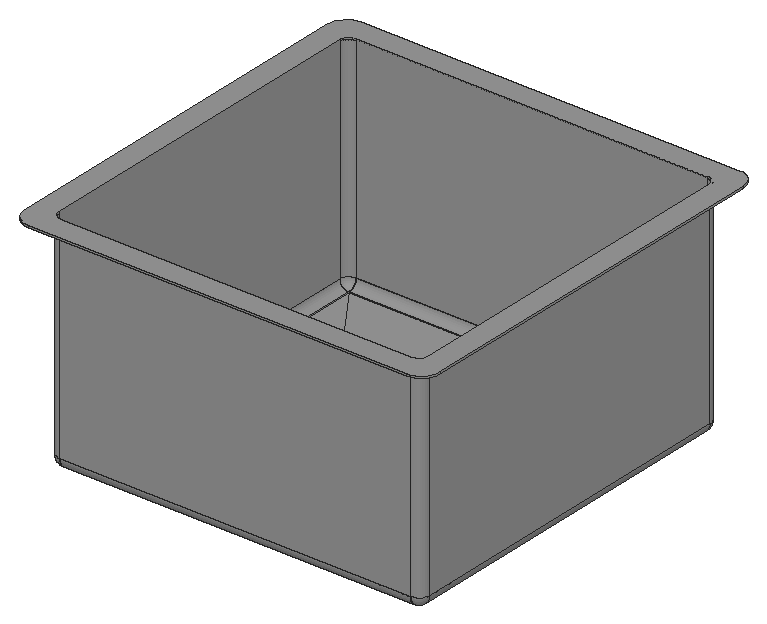
Revit family "BUILDMAT-SNGM002-Nala-450-Gunmetal", category Plumbing Fixtures, host Face, Revit 2020
Family settings
  Host = Face
  Round Connector Dimension = Use Diameter
  Part Type = Normal
  Cut with Voids When Loaded = No
  Shared = No
  Room Calculation Point = No
Parameters (values of type "Nala 450x450x250mm")
  Width = 400.0 mm
  Undermount [instance] = 0.0 mm
  URL = "https://www.buildmat.com.au/products/nala-450x450-single-bowl-sink"
  Side Sound Pad = no
  Side Brackets = yes
  Model = "SNA01002"  # constant formula
  Middle Sound Pad = yes
  Middle Bracket = no
  Manufacturer URL = "https://www.buildmat.com.au/"
  Manufacturer = "BUILDMAT"  # constant formula
  Length = 400.0 mm
  Description = "BUILDMAT - Nala 450x450 Single Bowl Sink"  # constant formula
  Depth = 250.0 mm
  Default Elevation = 1219.2 mm
  Created By URL = "https://www.buildmat.com.au/"
  Created By = "BUILDMAT"  # constant formula
  Created = "22.06.2022"  # constant formula
  Material = BUILDMAT Gunmetal
Reference planes
  plane 1 "Center (Front/Back)": y = 0
  plane 2: z = 0
  plane 3 "Center (Left/Right)": x = 0
  plane 4 "Top Substrate": z = 0
  plane 5 "Left": x = -200
  plane 6 "Right": x = 200
  plane 7 "Back": y = 200
  plane 8 "Front": y = -200
  plane 9: x = -225
  plane 10: x = 225
  plane 11: y = -225
  plane 12: y = 225
  plane 13 "Bottom Void": z = -250
  plane 14: z = 1.5
  plane 15: x = -201.5
  plane 16: y = -201.5
  plane 17: x = 201.5
  plane 18: y = 201.5
  plane 19: z = -240
  plane 20: z = -230
  plane 21: x = -190
  plane 22: x = 190
  plane 23: y = -190
  plane 24: y = 190
  plane 25: z = -245
  plane 26: z = -241.5
  plane 27: z = -246.5
  plane 28: x = -100
  plane 29: x = 100
  plane 30 "Sound Pad": z = -130
  plane 31 "Front Bracket": y = -100
  plane 32 "Back Bracket": y = 100
  plane 33: x = -100
  plane 34: x = 100
  plane 35: x = -57
  plane 36: x = 57
  plane 37: x = -45
  plane 38: x = 45
Forms (mm)
  Extrusion 1, void
    sketch origin (0, 0, 0) x (1, 0, 0) y (0, 1, 0)
      loop
        arc (-190, 200) -> (-197.071, 197.071) -> (-200, 190) r 10
        line (-200, 190) -> (-200, -190)
        arc (-200, -190) -> (-197.071, -197.071) -> (-190, -200) r 10
        line (-190, -200) -> (190, -200)
        arc (190, -200) -> (197.071, -197.071) -> (200, -190) r 10
        line (200, -190) -> (200, 190)
        arc (200, 190) -> (197.071, 197.071) -> (190, 200) r 10
        line (190, 200) -> (-190, 200)
    from 0 to 1.5
  Extrusion 2, void
    sketch origin (0, 0, 0) x (1, 0, 0) y (0, 1, 0)
      loop
        line (-201.5, 201.5) -> (-201.5, -201.5) -> (201.5, -201.5) -> (201.5, 201.5) -> (-201.5, 201.5)
    from 0 to -250
  Extrusion 3, void
    sketch origin (0, 0, 0) x (1, 0, 0) y (0, 1, 0)
      loop
        arc (-205, 225) -> (-219.142, 219.142) -> (-225, 205) r 20
        line (-225, 205) -> (-225, -205)
        arc (-225, -205) -> (-219.142, -219.142) -> (-205, -225) r 20
        line (-205, -225) -> (205, -225)
        arc (205, -225) -> (219.142, -219.142) -> (225, -205) r 20
        line (225, -205) -> (225, 205)
        arc (225, 205) -> (219.142, 219.142) -> (205, 225) r 20
        line (205, 225) -> (-205, 225)
    from 1.5 to 0
  Extrusion 4, solid, material "BUILDMAT Gunmetal" <- "Material"
    sketch origin (0, 0, 0) x (-1, 0, 0) y (0, -1, 0)
      loop
        arc (205, -225) -> (219.142, -219.142) -> (225, -205) r 20
        line (225, -205) -> (225, 205)
        arc (225, 205) -> (219.142, 219.142) -> (205, 225) r 20
        line (205, 225) -> (-205, 225)
        arc (-205, 225) -> (-219.142, 219.142) -> (-225, 205) r 20
        line (-225, 205) -> (-225, -205)
        arc (-225, -205) -> (-219.142, -219.142) -> (-205, -225) r 20
        line (-205, -225) -> (205, -225)
      loop
        arc (190, -200) -> (197.071, -197.071) -> (200, -190) r 10
        line (200, -190) -> (200, 190)
        arc (200, 190) -> (197.071, 197.071) -> (190, 200) r 10
        line (190, 200) -> (-190, 200)
        arc (-190, 200) -> (-197.071, 197.071) -> (-200, 190) r 10
        line (-200, 190) -> (-200, -190)
        arc (-200, -190) -> (-197.071, -197.071) -> (-190, -200) r 10
        line (-190, -200) -> (190, -200)
    from 0 to 1.5
  Extrusion 5, solid, material "BUILDMAT Gunmetal" <- "Material"
    sketch origin (0, 0, 0) x (-1, 0, 0) y (0, -1, 0)
      loop
        arc (190, -201.5) -> (198.132, -198.132) -> (201.5, -190) r 11.5
        line (201.5, -190) -> (201.5, 190)
        arc (201.5, 190) -> (198.132, 198.132) -> (190, 201.5) r 11.5
        line (190, 201.5) -> (-190, 201.5)
        arc (-190, 201.5) -> (-198.132, 198.132) -> (-201.5, 190) r 11.5
        line (-201.5, 190) -> (-201.5, -190)
        arc (-201.5, -190) -> (-198.132, -198.132) -> (-190, -201.5) r 11.5
        line (-190, -201.5) -> (190, -201.5)
      loop
        arc (-190, 200) -> (-197.071, 197.071) -> (-200, 190) r 10
        line (-200, 190) -> (-200, -190)
        arc (-200, -190) -> (-197.071, -197.071) -> (-190, -200) r 10
        line (-190, -200) -> (190, -200)
        arc (190, -200) -> (197.071, -197.071) -> (200, -190) r 10
        line (200, -190) -> (200, 190)
        arc (200, 190) -> (197.071, 197.071) -> (190, 200) r 10
        line (190, 200) -> (-190, 200)
    from 0 to -230
  Revolve 6, solid, material "BUILDMAT Gunmetal" <- "Material"
    sketch origin (-175.162, 190, 1219.2) x (-1, 0, 0) y (0, 0, 1)
      loop
        line (-375.162, -1449.2) -> (-376.662, -1449.2)
        arc (-376.662, -1449.2) -> (-373.293, -1457.332) -> (-365.162, -1460.7) r 11.5
        line (-365.162, -1460.7) -> (-365.162, -1459.2)
        arc (-365.162, -1459.2) -> (-372.233, -1456.271) -> (-375.162, -1449.2) r 10
      axis (-365.162, -1460.7) -> (-365.162, -1449.2)
    angle from 0 to -90
  Revolve 7, solid, material "BUILDMAT Gunmetal" <- "Material"
    sketch origin (-175.162, 190, 1219.2) x (-1, 0, 0) y (0, 0, 1)
      loop
        arc (24.838, -1449.2) -> (21.909, -1456.271) -> (14.838, -1459.2) r 10
        line (14.838, -1459.2) -> (14.838, -1460.7)
        arc (14.838, -1460.7) -> (22.97, -1457.332) -> (26.338, -1449.2) r 11.5
        line (26.338, -1449.2) -> (24.838, -1449.2)
      axis (14.838, -1449.2) -> (14.838, -1460.7)
    angle from 0 to -90
  Revolve 8, solid, material "BUILDMAT Gunmetal" <- "Material"
    sketch origin (-175.162, -190, 1219.2) x (-1, 0, 0) y (0, 0, 1)
      loop
        arc (24.838, -1449.2) -> (21.909, -1456.271) -> (14.838, -1459.2) r 10
        line (14.838, -1459.2) -> (14.838, -1460.7)
        arc (14.838, -1460.7) -> (22.97, -1457.332) -> (26.338, -1449.2) r 11.5
        line (26.338, -1449.2) -> (24.838, -1449.2)
      axis (14.838, -1449.2) -> (14.838, -1460.7)
    angle from 0 to 90
  Revolve 9, solid, material "BUILDMAT Gunmetal" <- "Material"
    sketch origin (-175.162, -190, 1219.2) x (-1, 0, 0) y (0, 0, 1)
      loop
        line (-375.162, -1449.2) -> (-376.662, -1449.2)
        arc (-376.662, -1449.2) -> (-373.293, -1457.332) -> (-365.162, -1460.7) r 11.5
        line (-365.162, -1460.7) -> (-365.162, -1459.2)
        arc (-365.162, -1459.2) -> (-372.233, -1456.271) -> (-375.162, -1449.2) r 10
      axis (-365.162, -1449.2) -> (-365.162, -1460.7)
    angle from 0 to 90
  Extrusion 10, solid, material "BUILDMAT Gunmetal" <- "Material"
    sketch origin (0, 0, 0) x (1, 0, 0) y (0, 0, 1)
      loop
        line (-200, -230) -> (-201.5, -230)
        arc (-201.5, -230) -> (-198.132, -238.132) -> (-190, -241.5) r 11.5
        line (-190, -241.5) -> (-190, -240)
        arc (-190, -240) -> (-197.071, -237.071) -> (-200, -230) r 10
    from -190 to 190
  Extrusion 11, solid, material "BUILDMAT Gunmetal" <- "Material"
    sketch origin (0, 0, 0) x (1, 0, 0) y (0, 0, 1)
      loop
        arc (200, -230) -> (197.071, -237.071) -> (190, -240) r 10
        line (190, -240) -> (190, -241.5)
        arc (190, -241.5) -> (198.132, -238.132) -> (201.5, -230) r 11.5
        line (201.5, -230) -> (200, -230)
    from -190 to 190
  Extrusion 12, solid, material "BUILDMAT Gunmetal" <- "Material"
    sketch origin (0, 0, 0) x (0, 1, 0) y (0, 0, 1)
      loop
        arc (200, -230) -> (197.071, -237.071) -> (190, -240) r 10
        line (190, -240) -> (190, -241.5)
        arc (190, -241.5) -> (198.132, -238.132) -> (201.5, -230) r 11.5
        line (201.5, -230) -> (200, -230)
    from -190 to 190
  Extrusion 13, solid, material "BUILDMAT Gunmetal" <- "Material"
    sketch origin (0, 0, 0) x (0, 1, 0) y (0, 0, 1)
      loop
        line (-200, -230) -> (-201.5, -230)
        arc (-201.5, -230) -> (-198.132, -238.132) -> (-190, -241.5) r 11.5
        line (-190, -241.5) -> (-190, -240)
        arc (-190, -240) -> (-197.071, -237.071) -> (-200, -230) r 10
    from -190 to 190
  Revolve 14, solid, material "BUILDMAT Gunmetal" <- "Material"
    sketch origin (0, 0, 0) x (1, 0, 0) y (0, 0, 1)
      loop
        line (-45, -250) -> (-45, -248.5)
        spline (-45, -248.5) -> (-46.484, -248.459) -> (-47.939, -248.339) -> (-49.337, -248.141) -> (-50.649, -247.871) -> (-51.848, -247.537) -> (-52.908, -247.151) -> (-53.805, -246.726) -> (-54.514, -246.283) -> (-55.023, -245.856) -> (-55.329, -245.483) -> (-55.468, -245.202) -> (-55.5, -245)
        line (-55.5, -245) -> (-57, -245)
        spline (-57, -245) -> (-56.897, -245.653) -> (-56.591, -246.294) -> (-56.087, -246.913) -> (-55.392, -247.5) -> (-54.52, -248.044) -> (-53.485, -248.536) -> (-52.305, -248.967) -> (-51, -249.33) -> (-49.592, -249.619) -> (-48.106, -249.83) -> (-46.566, -249.957) -> (-45, -250)
      axis (0, -245) -> (0, -250)
    angle from 0 to 360
  Blend 15, solid, material "BUILDMAT Gunmetal" <- "Material"
    base sketch origin (0, 0, 0) x (-1, 0, 0) y (0, -1, 0)
      loop
        circle (0, 0) r 57
    top sketch origin (0, 0, 0) x (-1, 0, 0) y (0, -1, 0)
      loop
        line (190, -190) -> (190, 190) -> (-190, 190) -> (-190, -190) -> (190, -190)
    from -246.5 to -241.5
  Blend 16, void
    base sketch origin (0, 0, 0) x (-1, 0, 0) y (0, -1, 0)
      loop
        circle (0, 0) r 57
    top sketch origin (0, 0, 0) x (-1, 0, 0) y (0, -1, 0)
      loop
        line (190, -190) -> (190, 190) -> (-190, 190) -> (-190, -190) -> (190, -190)
    from -245 to -240
  Extrusion 17, solid, material "BUILDMAT Gunmetal" <- "Material"
    sketch origin (0, 0, 0) x (-1, 0, 0) y (0, -1, 0)
      loop
        line (190, -190) -> (190, 190) -> (-190, 190) -> (-190, -190) -> (190, -190)
    from -241.5 to -240
  Extrusion 18, void
    sketch origin (0, 0, 0) x (-1, 0, 0) y (0, -1, 0)
      loop
        circle (0, 0) r 57
    from -250 to -230
Cuts and joins
  joined: Extrusion 4, Extrusion 5
  joined: Revolve 6, Revolve 9
  joined: Revolve 7, Revolve 8
  Blend 16, Extrusion 18 cuts Blend 15
  Blend 16, Extrusion 18 cuts Extrusion 17
  joined: Blend 15, Extrusion 17
Lines and regions (mm)
  Masking region 1
    outline origin (0, 0, 0) x (1, 0, 0) y (0, 0, 1)
      loop
        line (200, 0) -> (-200, 0) -> (-200, -230)
        arc (-200, -230) -> (-197.071, -237.071) -> (-190, -240) r 10
        line (-190, -240) -> (-57, -245) -> (57, -245) -> (190, -240)
        arc (190, -240) -> (197.071, -237.071) -> (200, -230) r 10
        line (200, -230) -> (200, 0)
  Masking region 2
    outline origin (0, 0, 0) x (1, 0, 0) y (0, 0, 1)
      loop
        line (-100, -244.883) -> (-100, -250) -> (-57, -250) -> (-57, -246.5) -> (-100, -244.883)
  Masking region 3
    outline origin (0, 0, 0) x (1, 0, 0) y (0, 0, 1)
      loop
        line (57, -246.5) -> (57, -250) -> (100, -250) -> (100, -244.883) -> (57, -246.5)
Text (mm)
  text "Refer to www.buildmat.com.au for the most current product literature. \nAllow a +/- 5mm tolerance for dimensions shown in the product literature. \nPlease note product details are subject to change due to ongoing product development." at (0.056, -1035.857, 0), in view "Ref. Level"
Dimensions and locks
  "Undermount": plane 2 to plane 4 "Top Substrate"
  equal spacing: plane 5 "Left", plane 3 "Center (Left/Right)", plane 6 "Right"
  "Width": plane 5 "Left" to plane 6 "Right"
  "Length": plane 7 "Back" to plane 8 "Front"
  equal spacing: plane 7 "Back", plane 1 "Center (Front/Back)", plane 8 "Front"
  locked: plane 12 to plane 7 "Back" at 25
  locked: plane 8 "Front" to plane 11 at 25
  locked: plane 9 to plane 5 "Left" at 25
  locked: plane 6 "Right" to plane 10 at 25
  "Depth": plane 4 "Top Substrate" to plane 13 "Bottom Void"
  locked: plane 14 to plane 4 "Top Substrate" at 1.5
  locked: plane 18 to plane 7 "Back" at 1.5
  locked: plane 8 "Front" to plane 16 at 1.5
  plane 15 to plane 5 "Left" = 1.5 mm
  plane 6 "Right" to plane 17 = 1.5 mm
  plane 20 to plane 19 to plane 13 "Bottom Void" = 10.0 mm, 10.0 mm
  locked: plane 5 "Left" to plane 21 at 10
  locked: plane 22 to plane 6 "Right" at 10
  locked: plane 7 "Back" to plane 24 at 10
  locked: plane 23 to plane 8 "Front" at 10
  locked: plane 19 to plane 26 at 1.5
  locked: plane 25 to plane 13 "Bottom Void" at 5
  locked: plane 25 to plane 27 at 1.5
  plane 29 to plane 3 "Center (Left/Right)" to plane 28 = 100.0 mm locked, 100.0 mm locked
  locked: plane 30 "Sound Pad" to plane 13 "Bottom Void" at 120
  locked: plane 7 "Back" to plane 32 "Back Bracket" at 100
  locked: plane 31 "Front Bracket" to plane 8 "Front" at 100
  locked: plane 33 to plane 5 "Left" at 100
  locked: plane 6 "Right" to plane 34 at 100
  equal spacing: plane 3 "Center (Left/Right)", nested 15, plane 33
  equal spacing: plane 34, nested 16, plane 3 "Center (Left/Right)"
  plane 37 to plane 3 "Center (Left/Right)" to plane 38 = 45.0 mm locked, 45.0 mm locked
  plane 35 to plane 3 "Center (Left/Right)" to plane 36 = 57.0 mm locked, 57.0 mm locked
  aligned and locked: plane 2 to host face
  aligned and locked: level to host face
  aligned and locked: plane 8 "Front" to Extrusion 1 sketch curve
  aligned and locked: Extrusion 1 sketch curve to plane 7 "Back"
  aligned and locked: plane 5 "Left" to Extrusion 1 sketch curve
  aligned and locked: Extrusion 1 sketch curve to plane 6 "Right"
  aligned and locked: plane 2 to Extrusion 1
  aligned and locked: Extrusion 1 to plane 14
  aligned and locked: Extrusion 2 sketch curve to plane 16
  aligned and locked: Extrusion 2 sketch curve to plane 18
  aligned and locked: plane 15 to Extrusion 2 sketch curve
  aligned and locked: plane 17 to Extrusion 2 sketch curve
  aligned and locked: Extrusion 2 to plane 13 "Bottom Void"
  aligned and locked: plane 4 "Top Substrate" to Extrusion 2
  aligned and locked: plane 11 to Extrusion 3 sketch curve
  aligned and locked: plane 9 to Extrusion 3 sketch curve
  aligned and locked: Extrusion 3 sketch curve to plane 10
  aligned and locked: Extrusion 3 sketch curve to plane 12
  aligned and locked: Extrusion 3 to plane 4 "Top Substrate"
  aligned and locked: Extrusion 3 to plane 14
  aligned and locked: plane 11 to Extrusion 4 sketch curve
  aligned and locked: Extrusion 4 sketch curve to plane 12
  aligned and locked: plane 9 to Extrusion 4 sketch curve
  aligned and locked: Extrusion 4 sketch curve to plane 10
  aligned and locked: plane 5 "Left" to Extrusion 4 sketch curve
  aligned and locked: Extrusion 4 sketch curve to plane 6 "Right"
  aligned and locked: Extrusion 4 sketch curve to plane 7 "Back"
  aligned and locked: plane 8 "Front" to Extrusion 4 sketch curve
  aligned and locked: Extrusion 5 sketch curve to plane 7 "Back"
  aligned and locked: plane 5 "Left" to Extrusion 5 sketch curve
  aligned and locked: Extrusion 5 sketch curve to plane 6 "Right"
  aligned and locked: plane 8 "Front" to Extrusion 5 sketch curve
  aligned and locked: plane 15 to Extrusion 5 sketch curve
  aligned and locked: Extrusion 5 sketch curve to plane 16
  aligned and locked: plane 17 to Extrusion 5 sketch curve
  aligned and locked: Extrusion 5 sketch curve to plane 18
  aligned and locked: Extrusion 5 to plane 20
  aligned and locked: plane 4 "Top Substrate" to Extrusion 5
  aligned and locked: Extrusion 11 to plane 23
  aligned and locked: plane 24 to Extrusion 11
  aligned and locked: plane 24 to Extrusion 10
  aligned and locked: Extrusion 10 to plane 23
  aligned and locked: Extrusion 13 to plane 21
  aligned and locked: plane 22 to Extrusion 13
  aligned and locked: plane 22 to Extrusion 12
  aligned and locked: Extrusion 12 to plane 21
  aligned and locked: plane 21 to Blend 15 sketch curve
  aligned and locked: Blend 15 sketch curve to plane 22
  aligned and locked: Blend 15 sketch curve to plane 23
  aligned and locked: Blend 15 sketch curve to plane 24
  aligned and locked: plane 27 to Blend 15
  aligned and locked: Blend 15 to plane 26
  aligned and locked: Blend 16 sketch curve to plane 24
  aligned and locked: plane 21 to Blend 16 sketch curve
  aligned and locked: Blend 16 sketch curve to plane 22
  aligned and locked: Blend 16 sketch curve to plane 23
  aligned and locked: Blend 16 to plane 25
  aligned and locked: plane 19 to Blend 16
  aligned and locked: Extrusion 17 sketch curve to plane 24
  aligned and locked: Extrusion 17 sketch curve to plane 23
  aligned and locked: plane 21 to Extrusion 17 sketch curve
  aligned and locked: Extrusion 17 sketch curve to plane 22
  aligned and locked: Extrusion 17 to plane 26
  aligned and locked: plane 19 to Extrusion 17
  aligned and locked: Extrusion 18 to plane 13 "Bottom Void"
  aligned and locked: plane 20 to Extrusion 18
  aligned and locked: cut or joined group of Blend 15, Blend 16, Extrusion 17, Extrusion 18 to Masking region 2 sketch curve
  aligned and locked: Masking region 3 sketch curve to cut or joined group of Blend 15, Blend 16, Extrusion 17, Extrusion 18
  aligned and locked: plane 3 "Center (Left/Right)" to nested 1
  aligned and locked: nested 1 to plane 4 "Top Substrate"
  aligned and locked: plane 3 "Center (Left/Right)" to nested 2
  aligned and locked: nested 2 to plane 30 "Sound Pad"
  aligned and locked: nested 3 to plane 18
  aligned and locked: plane 3 "Center (Left/Right)" to nested 3
  aligned and locked: plane 16 to nested 4
  aligned and locked: nested 4 to plane 3 "Center (Left/Right)"
  aligned and locked: plane 31 "Front Bracket" to nested 6
  aligned and locked: plane 15 to nested 6
  aligned and locked: plane 31 "Front Bracket" to nested 8
  aligned and locked: plane 17 to nested 8
  aligned and locked: plane 32 "Back Bracket" to nested 7
  aligned and locked: plane 17 to nested 7
  aligned and locked: plane 32 "Back Bracket" to nested 5
  aligned and locked: plane 15 to nested 5
  aligned and locked: nested 9 to plane 4 "Top Substrate"
  aligned and locked: nested 9 to plane 33
  aligned and locked: nested 10 to plane 4 "Top Substrate"
  aligned and locked: nested 10 to plane 34
  aligned and locked: nested 13 to plane 33
  aligned and locked: nested 14 to plane 34
  aligned and locked: plane 16 to nested 13
  aligned and locked: plane 16 to nested 14
  aligned and locked: plane 33 to nested 11
  aligned and locked: nested 11 to plane 18
  aligned and locked: plane 34 to nested 12
  aligned and locked: nested 12 to plane 18
  aligned and locked: nested 15 to plane 30 "Sound Pad"
  aligned and locked: nested 16 to plane 30 "Sound Pad"
  aligned and locked: nested 17 to plane 23
  aligned and locked: nested 17 to plane 24
  aligned and locked: plane 22 to nested 17
  aligned and locked: plane 21 to nested 17
  aligned and locked: plane 3 "Center (Left/Right)" to nested 18
  aligned and locked: plane 1 "Center (Front/Back)" to nested 18
  aligned and locked: plane 4 "Top Substrate" to Masking region 1
Automatic sketch dimensions
  host sketch curve to host sketch curve = 2438.4 mm  (x2)
  plane 5 "Left" to Extrusion 1 sketch curve = 10.0 mm  (x2)
  Extrusion 1 sketch curve to plane 6 "Right" = 10.0 mm  (x2)
  Extrusion 4 sketch curve to plane 10 = 20.0 mm  (x2)
  Extrusion 4 sketch curve to Extrusion 4 sketch curve = 10.0 mm  (x2)
  plane 5 "Left" to Extrusion 4 sketch curve = 10.0 mm
  plane 9 to Extrusion 4 sketch curve = 20.0 mm
  plane 8 "Front" to Extrusion 4 sketch curve = 10.0 mm
  plane 11 to Extrusion 4 sketch curve = 20.0 mm
  Extrusion 3 sketch curve to plane 5 "Left" = 5.0 mm
  plane 6 "Right" to Extrusion 3 sketch curve = 5.0 mm  (x2)
  plane 7 "Back" to Extrusion 3 sketch curve = 5.0 mm
  plane 5 "Left" to Extrusion 5 sketch curve = 10.0 mm
  Extrusion 5 sketch curve to plane 6 "Right" = 10.0 mm
  plane 8 "Front" to Extrusion 5 sketch curve = 10.0 mm
  Extrusion 5 sketch curve to plane 7 "Back" = 10.0 mm
  Extrusion 5 sketch curve to Extrusion 5 sketch curve = 0.0 mm  (x4)
  Revolve 6 sketch curve to Revolve 6 sketch curve = 0.0 mm  (x3)
  plane 17 to Revolve 6 sketch curve = 0.0 mm
  Revolve 6 sketch curve to plane 6 "Right" = 0.0 mm
  Revolve 6 sketch curve to plane 22 = 0.0 mm  (x2)
  Revolve 6 sketch curve to plane 19 = 0.0 mm
  Revolve 6 sketch curve to plane 20 = 0.0 mm
  Revolve 7 sketch curve to Revolve 7 sketch curve = 0.0 mm  (x3)
  Revolve 7 sketch curve to plane 20 = 0.0 mm  (x2)
  Revolve 7 sketch curve to plane 21 = 0.0 mm  (x2)
  Revolve 7 sketch curve to plane 5 "Left" = 0.0 mm
  Revolve 7 sketch curve to plane 15 = 0.0 mm
  Revolve 8 sketch curve to Revolve 8 sketch curve = 0.0 mm  (x3)
  Revolve 8 sketch curve to plane 20 = 0.0 mm  (x2)
  Revolve 8 sketch curve to plane 21 = 0.0 mm  (x2)
  Revolve 8 sketch curve to plane 5 "Left" = 0.0 mm
  Revolve 8 sketch curve to plane 15 = 0.0 mm
  Revolve 9 sketch curve to Revolve 9 sketch curve = 0.0 mm  (x3)
  plane 17 to Revolve 9 sketch curve = 0.0 mm
  Revolve 9 sketch curve to plane 6 "Right" = 0.0 mm
  Revolve 9 sketch curve to plane 22 = 0.0 mm  (x2)
  Revolve 9 sketch curve to plane 20 = 0.0 mm
  Revolve 9 sketch curve to plane 19 = 0.0 mm
  Extrusion 10 sketch curve to plane 15 = 0.0 mm
  Extrusion 10 sketch curve to plane 5 "Left" = 0.0 mm
  Extrusion 10 sketch curve to plane 19 = 0.0 mm
  Extrusion 10 sketch curve to plane 21 = 0.0 mm
  Extrusion 11 sketch curve to plane 20 = 0.0 mm
  Extrusion 11 sketch curve to plane 22 = 0.0 mm
  Extrusion 11 sketch curve to plane 6 "Right" = 0.0 mm
  plane 17 to Extrusion 11 sketch curve = 0.0 mm
  Extrusion 12 sketch curve to plane 20 = 0.0 mm
  Extrusion 12 sketch curve to plane 24 = 0.0 mm
  Extrusion 12 sketch curve to plane 7 "Back" = 0.0 mm
  Extrusion 12 sketch curve to plane 18 = 0.0 mm
  Extrusion 13 sketch curve to plane 16 = 0.0 mm
  Extrusion 13 sketch curve to plane 8 "Front" = 0.0 mm
  Extrusion 13 sketch curve to plane 23 = 0.0 mm
  Extrusion 13 sketch curve to plane 19 = 0.0 mm
  Revolve 14 sketch curve to plane 25 = 0.0 mm
  Revolve 14 sketch curve to plane 13 "Bottom Void" = 0.0 mm  (x2)
  Revolve 14 sketch curve to plane 3 "Center (Left/Right)" = 0.0 mm
  Revolve 14 sketch curve to plane 20 = 0.0 mm
  Revolve 14 sketch curve to plane 3 "Center (Left/Right)" = 45.0 mm
  Revolve 14 sketch curve to Revolve 14 sketch curve = 10.5 mm
  Revolve 14 sketch curve to Revolve 14 sketch curve = 1.5 mm  (x2)
  Revolve 14 sketch curve to Revolve 14 sketch curve = 0.0 mm
  plane 1 "Center (Front/Back)" to Blend 15 sketch curve = 0.0 mm
  Blend 15 sketch curve to plane 3 "Center (Left/Right)" = 0.0 mm
  plane 1 "Center (Front/Back)" to Blend 16 sketch curve = 0.0 mm
  Blend 16 sketch curve to plane 3 "Center (Left/Right)" = 0.0 mm
  plane 1 "Center (Front/Back)" to Extrusion 18 sketch curve = 0.0 mm
  Extrusion 18 sketch curve to plane 3 "Center (Left/Right)" = 0.0 mm
  Masking region 1 sketch curve to level = 0.0 mm
  Masking region 1 sketch curve to plane 20 = 0.0 mm
  Masking region 1 sketch curve to plane 21 = 0.0 mm
  Masking region 1 sketch curve to plane 25 = 0.0 mm
  Masking region 1 sketch curve to plane 3 "Center (Left/Right)" = 57.0 mm
  plane 3 "Center (Left/Right)" to Masking region 1 sketch curve = 57.0 mm
  Masking region 1 sketch curve to plane 19 = 0.0 mm
  Masking region 1 sketch curve to plane 22 = 0.0 mm
  Masking region 1 sketch curve to plane 6 "Right" = 0.0 mm
  Masking region 1 sketch curve to plane 5 "Left" = 0.0 mm
  Masking region 2 sketch curve to plane 28 = 0.0 mm
  Masking region 2 sketch curve to plane 13 "Bottom Void" = 0.0 mm
  Masking region 2 sketch curve to plane 27 = 0.0 mm
  Masking region 3 sketch curve to plane 27 = 0.0 mm
  Masking region 3 sketch curve to plane 13 "Bottom Void" = 0.0 mm
  Masking region 3 sketch curve to plane 29 = 0.0 mm
  radius of Blend 15 sketch curve = 57.0 mm
  radius of Blend 16 sketch curve = 57.0 mm
  radius of Extrusion 18 sketch curve = 57.0 mm
Nested families
  nested 1: "TMB_Front" at (0, 0, 0) x (1, 0, 0) z (0, -1, 0), visible <- "Middle Bracket", type "TMB_Front"
  nested 2: "SP_Front" at (0, 0, -130) x (1, 0, 0) z (0, -1, 0), visible <- "Middle Sound Pad", type "SP_Front"
  nested 3: "TMB_Plan" at (0, 201.5, 0), visible <- "Middle Bracket", type "TMB_Plan"
  nested 4: "TMB_Plan" at (0, -201.5, 0) x (-1, 0, 0) z (0, 0, 1), visible <- "Middle Bracket", type "TMB_Plan"
  nested 5: "TMB_Plan" at (-201.5, 100, 0) x (0, 1, 0) z (0, 0, 1), type "TMB_Plan"
  nested 6: "TMB_Plan" at (-201.5, -100, 0) x (0, 1, 0) z (0, 0, 1), type "TMB_Plan"
  nested 7: "TMB_Plan" at (201.5, 100, 0) x (0, -1, 0) z (0, 0, 1), type "TMB_Plan"
  nested 8: "TMB_Plan" at (201.5, -100, 0) x (0, -1, 0) z (0, 0, 1), type "TMB_Plan"
  nested 9: "TMB_Front" at (-100, 0, 0) x (1, 0, 0) z (0, -1, 0), visible <- "Side Brackets", type "TMB_Front"
  nested 10: "TMB_Front" at (100, 0, 0) x (1, 0, 0) z (0, -1, 0), visible <- "Side Brackets", type "TMB_Front"
  nested 11: "TMB_Plan" at (-100, 201.5, 0), visible <- "Side Brackets", type "TMB_Plan"
  nested 12: "TMB_Plan" at (100, 201.5, 0), visible <- "Side Brackets", type "TMB_Plan"
  nested 13: "TMB_Plan" at (-100, -201.5, 0) x (-1, 0, 0) z (0, 0, 1), visible <- "Side Brackets", type "TMB_Plan"
  nested 14: "TMB_Plan" at (100, -201.5, 0) x (-1, 0, 0) z (0, 0, 1), visible <- "Side Brackets", type "TMB_Plan"
  nested 15: "SP_Front" at (-50, 0, -130) x (1, 0, 0) z (0, -1, 0), visible <- "Side Sound Pad", type "SP_Front"
  nested 16: "SP_Front" at (50, 0, -130) x (1, 0, 0) z (0, -1, 0), visible <- "Side Sound Pad", type "SP_Front"
  nested 17: "BOWL Plan" at (0, 0, -130), type "BOWL Plan"
    with Width 380.0 mm, Lenght 380.0 mm
  nested 18: "DRAIN" at (0, 0, 0), type "DRAIN"
Definition of nested family "TMB_Front"
  Reference planes
    plane 1 "Center (Elevation)": y = 0
    plane 2: z = 0
    plane 3 "Center (Left/Right)": x = 0
  Lines and regions (mm)
    Masking region 1, in view "Ref. Level"
      outline origin (0, 0, 0) x (1, 0, 0) y (0, 1, 0)
        loop
          line (-17.5, 0) -> (-17.5, -80) -> (17.5, -80) -> (17.5, 0) -> (-17.5, 0)
    detail lines, in view "Ref. Level"
      curve 1: line (-17.5, 0, 0) -> (-17.5, -80, 0)
      curve 2: line (-17.5, -80, 0) -> (17.5, -80, 0)
      curve 3: line (17.5, -80, 0) -> (17.5, 0, 0)
      curve 4: line (-12.5, -50, 0) -> (12.5, -50, 0)
      curve 5: line (-12.5, -75, 0) -> (-12.5, -50, 0)
      curve 6: line (12.5, -75, 0) -> (-12.5, -75, 0)
      curve 7: line (12.5, -50, 0) -> (12.5, -75, 0)
Definition of nested family "SP_Front"
  Reference planes
    plane 1 "Center (Elevation)": y = 0
    plane 2: z = 0
    plane 3 "Center (Left/Right)": x = 0
  Lines and regions (mm)
    Masking region 1, in view "Ref. Level"
      outline origin (0, 0, 0) x (1, 0, 0) y (0, 1, 0)
        loop
          arc (-50, 40) -> (-57.071, 37.071) -> (-60, 30) r 10
          line (-60, 30) -> (-60, -30)
          arc (-60, -30) -> (-57.071, -37.071) -> (-50, -40) r 10
          line (-50, -40) -> (50, -40)
          arc (50, -40) -> (57.071, -37.071) -> (60, -30) r 10
          line (60, -30) -> (60, 30)
          arc (60, 30) -> (57.071, 37.071) -> (50, 40) r 10
          line (50, 40) -> (-50, 40)
    detail lines, in view "Ref. Level"
      curve 1: line (-50, 40, 0) -> (50, 40, 0)
      curve 2: line (50, -40, 0) -> (-50, -40, 0)
      curve 3: line (60, 30, 0) -> (60, -30, 0)
      curve 4: line (-60, 30, 0) -> (-60, -30, 0)
      curve 5: arc (-50, 40, 0) -> (-57.071, 37.071, 0) -> (-60, 30, 0) r 10
      curve 6: arc (-60, -30, 0) -> (-57.071, -37.071, 0) -> (-50, -40, 0) r 10
      curve 7: arc (50, -40, 0) -> (57.071, -37.071, 0) -> (60, -30, 0) r 10
      curve 8: arc (60, 30, 0) -> (57.071, 37.071, 0) -> (50, 40, 0) r 10
  Dimensions and locks
    aligned and locked: Masking region 1 sketch curve to curve 1
    aligned and locked: Masking region 1 sketch curve to curve 4
    aligned and locked: Masking region 1 sketch curve to curve 2
    aligned and locked: Masking region 1 sketch curve to curve 3
Definition of nested family "TMB_Plan"
  Reference planes
    plane 1 "Center (Front/Back)": y = 0
    plane 2: z = 0
    plane 3 "Center (Left/Right)": x = 0
  Lines and regions (mm)
    detail lines, in view "Ref. Level"
      curve 1: line (-17.5, 0, 0) -> (17.5, 0, 0)
      curve 2: line (17.5, 0, 0) -> (17.5, 5, 0)
      curve 3: line (17.5, 5, 0) -> (12.5, 5, 0)
      curve 4: line (-17.5, 0, 0) -> (-17.5, 5, 0)
      curve 5: line (-17.5, 5, 0) -> (-12.5, 5, 0)
Definition of nested family "BOWL Plan"
  Parameters (values of type "BOWL Plan")
    Width [instance] = 600.0 mm
    Lenght [instance] = 400.0 mm
  Reference planes
    plane 1 "Center (Front/Back)": y = 0
    plane 2: z = 0
    plane 3 "Center (Left/Right)": x = 0
    plane 4 "Left": x = -300
    plane 5 "Right": x = 300
    plane 6 "Back": y = 200
    plane 7 "Front": y = -200
  Lines and regions (mm)
    Masking region 1, in view "Ref. Level"
      outline origin (0, 0, 0) x (1, 0, 0) y (0, 1, 0)
        loop
          line (-300, 200) -> (-300, -200) -> (300, -200) -> (300, 200) -> (-300, 200)
    detail lines, in view "Ref. Level"
      curve 1: line (-300, 200, 0) -> (300, -200, 0)
      curve 2: line (-300, -200, 0) -> (300, 200, 0)
  Dimensions and locks
    equal spacing: plane 6 "Back", plane 1 "Center (Front/Back)", plane 7 "Front"
    "Lenght": plane 6 "Back" to plane 7 "Front"
    equal spacing: plane 4 "Left", plane 3 "Center (Left/Right)", plane 5 "Right"
    "Width": plane 4 "Left" to plane 5 "Right"
    aligned and locked: plane 4 "Left" to Masking region 1 sketch curve
    aligned and locked: Masking region 1 sketch curve to plane 5 "Right"
    aligned and locked: plane 7 "Front" to Masking region 1 sketch curve
    aligned and locked: Masking region 1 sketch curve to plane 6 "Back"
  Automatic sketch dimensions
    curve 2 to plane 4 "Left" = 0.0 mm
    curve 1 to plane 4 "Left" = 0.0 mm
    curve 2 to plane 5 "Right" = 0.0 mm
    curve 1 to plane 5 "Right" = 0.0 mm
    curve 1 to plane 7 "Front" = 0.0 mm
    curve 2 to plane 7 "Front" = 0.0 mm
    curve 2 to plane 6 "Back" = 0.0 mm
    curve 1 to plane 6 "Back" = 0.0 mm
Definition of nested family "DRAIN"
  Reference planes
    plane 1 "Center (Front/Back)": y = 0
    plane 2: z = 0
    plane 3 "Center (Left/Right)": x = 0
  Lines and regions (mm)
    Masking region 1, in view "Ref. Level"
      outline origin (0, 0, 0) x (1, 0, 0) y (0, 1, 0)
        loop
          circle (0, 0) r 57
    detail lines, in view "Ref. Level"
      curve 1: circle (0, 0, 0) r 45 normal (0, 0, 1)
      curve 2: circle (0, 0, 0) r 55.5 normal (0, 0, 1)
